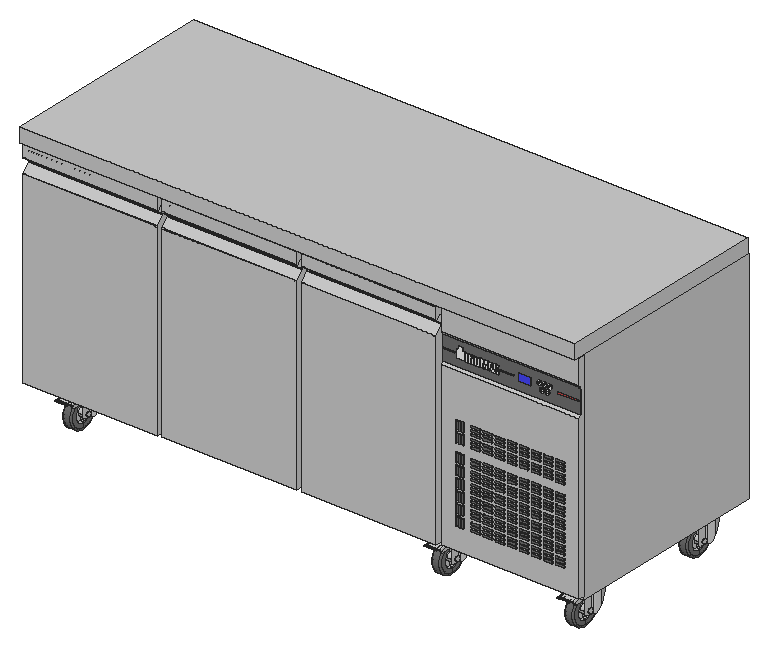
Revit family "QF_INOMAK_PNRP999_250523032323", category Specialty Equipment, Revit 2021 (continued)
Definition of nested family "QF_INOMAK_REF_COUNTERS_1790_2920"
  Definition of nested family "QF_INOMAK_CONRTOL-PANEL"
    Forms (mm)
      Extrusion 1, solid
        sketch origin (-2240, -700, 0) x (-1, 0, 0) y (0, 0, 1)
          loop
            arc (-2050.4, 204.855) -> (-2047.4, 207.855) -> (-2050.4, 210.855) r 3
            line (-2050.4, 210.855) -> (-2074.4, 210.855)
          loop
            arc (-2035.4, 210.855) -> (-2038.4, 207.855) -> (-2035.4, 204.855) r 3
            line (-2035.4, 204.855) -> (-2011.4, 204.855)
            arc (-2011.4, 204.855) -> (-2008.4, 207.855) -> (-2011.4, 210.855) r 3
            line (-2011.4, 210.855) -> (-2035.4, 210.855)
          loop
            arc (-1996.4, 210.855) -> (-1999.4, 207.855) -> (-1996.4, 204.855) r 3
            line (-1996.4, 204.855) -> (-1972.4, 204.855)
            arc (-1972.4, 204.855) -> (-1969.4, 207.855) -> (-1972.4, 210.855) r 3
            line (-1972.4, 210.855) -> (-1996.4, 210.855)
          loop
            arc (-1957.4, 210.855) -> (-1960.4, 207.855) -> (-1957.4, 204.855) r 3
            line (-1957.4, 204.855) -> (-1933.4, 204.855)
            arc (-1933.4, 204.855) -> (-1930.4, 207.855) -> (-1933.4, 210.855) r 3
            line (-1933.4, 210.855) -> (-1957.4, 210.855)
          loop
            arc (-1918.4, 210.855) -> (-1921.4, 207.855) -> (-1918.4, 204.855) r 3
            line (-1918.4, 204.855) -> (-1894.4, 204.855)
            arc (-1894.4, 204.855) -> (-1891.4, 207.855) -> (-1894.4, 210.855) r 3
            line (-1894.4, 210.855) -> (-1918.4, 210.855)
          loop
            arc (-2191.4, 199.855) -> (-2194.4, 196.855) -> (-2191.4, 193.855) r 3
            line (-2191.4, 193.855) -> (-2167.4, 193.855)
            arc (-2167.4, 193.855) -> (-2164.4, 196.855) -> (-2167.4, 199.855) r 3
            line (-2167.4, 199.855) -> (-2191.4, 199.855)
          loop
            arc (-2152.4, 199.855) -> (-2155.4, 196.855) -> (-2152.4, 193.855) r 3
            line (-2152.4, 193.855) -> (-2128.4, 193.855)
            arc (-2128.4, 193.855) -> (-2125.4, 196.855) -> (-2128.4, 199.855) r 3
            line (-2128.4, 199.855) -> (-2152.4, 199.855)
          loop
            arc (-2113.4, 199.855) -> (-2116.4, 196.855) -> (-2113.4, 193.855) r 3
            line (-2113.4, 193.855) -> (-2089.4, 193.855)
            arc (-2089.4, 193.855) -> (-2086.4, 196.855) -> (-2089.4, 199.855) r 3
            line (-2089.4, 199.855) -> (-2113.4, 199.855)
          loop
            arc (-2074.4, 199.855) -> (-2077.4, 196.855) -> (-2074.4, 193.855) r 3
            line (-2074.4, 193.855) -> (-2050.4, 193.855)
            arc (-2050.4, 193.855) -> (-2047.4, 196.855) -> (-2050.4, 199.855) r 3
            line (-2050.4, 199.855) -> (-2074.4, 199.855)
          loop
            arc (-2035.4, 199.855) -> (-2038.4, 196.855) -> (-2035.4, 193.855) r 3
            line (-2035.4, 193.855) -> (-2011.4, 193.855)
            arc (-2011.4, 193.855) -> (-2008.4, 196.855) -> (-2011.4, 199.855) r 3
            line (-2011.4, 199.855) -> (-2035.4, 199.855)
          loop
            arc (-1996.4, 199.855) -> (-1999.4, 196.855) -> (-1996.4, 193.855) r 3
            line (-1996.4, 193.855) -> (-1972.4, 193.855)
            arc (-1972.4, 193.855) -> (-1969.4, 196.855) -> (-1972.4, 199.855) r 3
            line (-1972.4, 199.855) -> (-1996.4, 199.855)
          loop
            arc (-1957.4, 199.855) -> (-1960.4, 196.855) -> (-1957.4, 193.855) r 3
            line (-1957.4, 193.855) -> (-1933.4, 193.855)
            arc (-1933.4, 193.855) -> (-1930.4, 196.855) -> (-1933.4, 199.855) r 3
            line (-1933.4, 199.855) -> (-1957.4, 199.855)
          loop
            arc (-1918.4, 199.855) -> (-1921.4, 196.855) -> (-1918.4, 193.855) r 3
            line (-1918.4, 193.855) -> (-1894.4, 193.855)
            arc (-1894.4, 193.855) -> (-1891.4, 196.855) -> (-1894.4, 199.855) r 3
            line (-1894.4, 199.855) -> (-1918.4, 199.855)
          loop
            arc (-2191.4, 184.855) -> (-2194.4, 181.855) -> (-2191.4, 178.855) r 3
            line (-2191.4, 178.855) -> (-2167.4, 178.855)
            arc (-2167.4, 178.855) -> (-2164.4, 181.855) -> (-2167.4, 184.855) r 3
            line (-2167.4, 184.855) -> (-2191.4, 184.855)
          loop
            arc (-2152.4, 184.855) -> (-2155.4, 181.855) -> (-2152.4, 178.855) r 3
            line (-2152.4, 178.855) -> (-2128.4, 178.855)
            arc (-2128.4, 178.855) -> (-2125.4, 181.855) -> (-2128.4, 184.855) r 3
            line (-2128.4, 184.855) -> (-2152.4, 184.855)
          loop
            arc (-2113.4, 184.855) -> (-2116.4, 181.855) -> (-2113.4, 178.855) r 3
            line (-2113.4, 178.855) -> (-2089.4, 178.855)
            arc (-2089.4, 178.855) -> (-2086.4, 181.855) -> (-2089.4, 184.855) r 3
            line (-2089.4, 184.855) -> (-2113.4, 184.855)
          loop
            arc (-2074.4, 184.855) -> (-2077.4, 181.855) -> (-2074.4, 178.855) r 3
            line (-2074.4, 178.855) -> (-2050.4, 178.855)
            arc (-2050.4, 178.855) -> (-2047.4, 181.855) -> (-2050.4, 184.855) r 3
            line (-2050.4, 184.855) -> (-2074.4, 184.855)
          loop
            arc (-2035.4, 184.855) -> (-2038.4, 181.855) -> (-2035.4, 178.855) r 3
            line (-2035.4, 178.855) -> (-2011.4, 178.855)
            arc (-2011.4, 178.855) -> (-2008.4, 181.855) -> (-2011.4, 184.855) r 3
            line (-2011.4, 184.855) -> (-2035.4, 184.855)
          loop
            arc (-1996.4, 184.855) -> (-1999.4, 181.855) -> (-1996.4, 178.855) r 3
            line (-1996.4, 178.855) -> (-1972.4, 178.855)
            arc (-1972.4, 178.855) -> (-1969.4, 181.855) -> (-1972.4, 184.855) r 3
            line (-1972.4, 184.855) -> (-1996.4, 184.855)
          loop
            arc (-1957.4, 184.855) -> (-1960.4, 181.855) -> (-1957.4, 178.855) r 3
            line (-1957.4, 178.855) -> (-1933.4, 178.855)
            arc (-1933.4, 178.855) -> (-1930.4, 181.855) -> (-1933.4, 184.855) r 3
            line (-1933.4, 184.855) -> (-1957.4, 184.855)
          loop
            arc (-1918.4, 184.855) -> (-1921.4, 181.855) -> (-1918.4, 178.855) r 3
            line (-1918.4, 178.855) -> (-1894.4, 178.855)
            arc (-1894.4, 178.855) -> (-1891.4, 181.855) -> (-1894.4, 184.855) r 3
            line (-1894.4, 184.855) -> (-1918.4, 184.855)
          loop
            arc (-2191.4, 173.855) -> (-2194.4, 170.855) -> (-2191.4, 167.855) r 3
            line (-2191.4, 167.855) -> (-2167.4, 167.855)
            arc (-2167.4, 167.855) -> (-2164.4, 170.855) -> (-2167.4, 173.855) r 3
            line (-2167.4, 173.855) -> (-2191.4, 173.855)
          loop
            arc (-2152.4, 173.855) -> (-2155.4, 170.855) -> (-2152.4, 167.855) r 3
            line (-2152.4, 167.855) -> (-2128.4, 167.855)
            arc (-2128.4, 167.855) -> (-2125.4, 170.855) -> (-2128.4, 173.855) r 3
            line (-2128.4, 173.855) -> (-2152.4, 173.855)
          loop
            arc (-2113.4, 173.855) -> (-2116.4, 170.855) -> (-2113.4, 167.855) r 3
            line (-2113.4, 167.855) -> (-2089.4, 167.855)
            arc (-2089.4, 167.855) -> (-2086.4, 170.855) -> (-2089.4, 173.855) r 3
            line (-2089.4, 173.855) -> (-2113.4, 173.855)
          loop
            arc (-2074.4, 173.855) -> (-2077.4, 170.855) -> (-2074.4, 167.855) r 3
            line (-2074.4, 167.855) -> (-2050.4, 167.855)
            arc (-2050.4, 167.855) -> (-2047.4, 170.855) -> (-2050.4, 173.855) r 3
            line (-2050.4, 173.855) -> (-2074.4, 173.855)
          loop
            arc (-2035.4, 173.855) -> (-2038.4, 170.855) -> (-2035.4, 167.855) r 3
            line (-2035.4, 167.855) -> (-2011.4, 167.855)
            arc (-2011.4, 167.855) -> (-2008.4, 170.855) -> (-2011.4, 173.855) r 3
            line (-2011.4, 173.855) -> (-2035.4, 173.855)
          loop
            arc (-1996.4, 173.855) -> (-1999.4, 170.855) -> (-1996.4, 167.855) r 3
            line (-1996.4, 167.855) -> (-1972.4, 167.855)
            arc (-1972.4, 167.855) -> (-1969.4, 170.855) -> (-1972.4, 173.855) r 3
            line (-1972.4, 173.855) -> (-1996.4, 173.855)
          loop
            arc (-1957.4, 173.855) -> (-1960.4, 170.855) -> (-1957.4, 167.855) r 3
            line (-1957.4, 167.855) -> (-1933.4, 167.855)
            arc (-1933.4, 167.855) -> (-1930.4, 170.855) -> (-1933.4, 173.855) r 3
            line (-1933.4, 173.855) -> (-1957.4, 173.855)
          loop
            arc (-1918.4, 173.855) -> (-1921.4, 170.855) -> (-1918.4, 167.855) r 3
            line (-1918.4, 167.855) -> (-1894.4, 167.855)
            arc (-1894.4, 167.855) -> (-1891.4, 170.855) -> (-1894.4, 173.855) r 3
            line (-1894.4, 173.855) -> (-1918.4, 173.855)
          loop
            arc (-2191.4, 162.855) -> (-2194.4, 159.855) -> (-2191.4, 156.855) r 3
            line (-2191.4, 156.855) -> (-2167.4, 156.855)
            arc (-2167.4, 156.855) -> (-2164.4, 159.855) -> (-2167.4, 162.855) r 3
            line (-2167.4, 162.855) -> (-2191.4, 162.855)
          loop
            arc (-2152.4, 162.855) -> (-2155.4, 159.855) -> (-2152.4, 156.855) r 3
            line (-2152.4, 156.855) -> (-2128.4, 156.855)
            arc (-2128.4, 156.855) -> (-2125.4, 159.855) -> (-2128.4, 162.855) r 3
            line (-2128.4, 162.855) -> (-2152.4, 162.855)
          loop
            arc (-2113.4, 162.855) -> (-2116.4, 159.855) -> (-2113.4, 156.855) r 3
            line (-2113.4, 156.855) -> (-2089.4, 156.855)
            arc (-2089.4, 156.855) -> (-2086.4, 159.855) -> (-2089.4, 162.855) r 3
            line (-2089.4, 162.855) -> (-2113.4, 162.855)
          loop
            arc (-2074.4, 162.855) -> (-2077.4, 159.855) -> (-2074.4, 156.855) r 3
            line (-2074.4, 156.855) -> (-2050.4, 156.855)
            arc (-2050.4, 156.855) -> (-2047.4, 159.855) -> (-2050.4, 162.855) r 3
            line (-2050.4, 162.855) -> (-2074.4, 162.855)
          loop
            arc (-2035.4, 162.855) -> (-2038.4, 159.855) -> (-2035.4, 156.855) r 3
            line (-2035.4, 156.855) -> (-2011.4, 156.855)
            arc (-2011.4, 156.855) -> (-2008.4, 159.855) -> (-2011.4, 162.855) r 3
            line (-2011.4, 162.855) -> (-2035.4, 162.855)
          loop
            arc (-1996.4, 162.855) -> (-1999.4, 159.855) -> (-1996.4, 156.855) r 3
            line (-1996.4, 156.855) -> (-1972.4, 156.855)
            arc (-1972.4, 156.855) -> (-1969.4, 159.855) -> (-1972.4, 162.855) r 3
            line (-1972.4, 162.855) -> (-1996.4, 162.855)
          loop
            arc (-1957.4, 162.855) -> (-1960.4, 159.855) -> (-1957.4, 156.855) r 3
            line (-1957.4, 156.855) -> (-1933.4, 156.855)
            arc (-1933.4, 156.855) -> (-1930.4, 159.855) -> (-1933.4, 162.855) r 3
            line (-1933.4, 162.855) -> (-1957.4, 162.855)
          loop
            arc (-1918.4, 162.855) -> (-1921.4, 159.855) -> (-1918.4, 156.855) r 3
            line (-1918.4, 156.855) -> (-1894.4, 156.855)
            arc (-1894.4, 156.855) -> (-1891.4, 159.855) -> (-1894.4, 162.855) r 3
            line (-1894.4, 162.855) -> (-1918.4, 162.855)
          loop
            arc (-2191.4, 147.855) -> (-2194.4, 144.855) -> (-2191.4, 141.855) r 3
            line (-2191.4, 141.855) -> (-2167.4, 141.855)
            arc (-2167.4, 141.855) -> (-2164.4, 144.855) -> (-2167.4, 147.855) r 3
            line (-2167.4, 147.855) -> (-2191.4, 147.855)
          loop
            arc (-2152.4, 147.855) -> (-2155.4, 144.855) -> (-2152.4, 141.855) r 3
            line (-2152.4, 141.855) -> (-2128.4, 141.855)
            arc (-2128.4, 141.855) -> (-2125.4, 144.855) -> (-2128.4, 147.855) r 3
            line (-2128.4, 147.855) -> (-2152.4, 147.855)
          loop
            arc (-2113.4, 147.855) -> (-2116.4, 144.855) -> (-2113.4, 141.855) r 3
            line (-2113.4, 141.855) -> (-2089.4, 141.855)
            arc (-2089.4, 141.855) -> (-2086.4, 144.855) -> (-2089.4, 147.855) r 3
            line (-2089.4, 147.855) -> (-2113.4, 147.855)
          loop
            arc (-2074.4, 147.855) -> (-2077.4, 144.855) -> (-2074.4, 141.855) r 3
            line (-2074.4, 141.855) -> (-2050.4, 141.855)
            arc (-2050.4, 141.855) -> (-2047.4, 144.855) -> (-2050.4, 147.855) r 3
            line (-2050.4, 147.855) -> (-2074.4, 147.855)
          loop
            arc (-2035.4, 147.855) -> (-2038.4, 144.855) -> (-2035.4, 141.855) r 3
            line (-2035.4, 141.855) -> (-2011.4, 141.855)
            arc (-2011.4, 141.855) -> (-2008.4, 144.855) -> (-2011.4, 147.855) r 3
            line (-2011.4, 147.855) -> (-2035.4, 147.855)
          loop
            arc (-1996.4, 147.855) -> (-1999.4, 144.855) -> (-1996.4, 141.855) r 3
            line (-1996.4, 141.855) -> (-1972.4, 141.855)
            arc (-1972.4, 141.855) -> (-1969.4, 144.855) -> (-1972.4, 147.855) r 3
            line (-1972.4, 147.855) -> (-1996.4, 147.855)
          loop
            arc (-1957.4, 147.855) -> (-1960.4, 144.855) -> (-1957.4, 141.855) r 3
            line (-1957.4, 141.855) -> (-1933.4, 141.855)
            arc (-1933.4, 141.855) -> (-1930.4, 144.855) -> (-1933.4, 147.855) r 3
            line (-1933.4, 147.855) -> (-1957.4, 147.855)
          loop
            arc (-1918.4, 147.855) -> (-1921.4, 144.855) -> (-1918.4, 141.855) r 3
            line (-1918.4, 141.855) -> (-1894.4, 141.855)
            arc (-1894.4, 141.855) -> (-1891.4, 144.855) -> (-1894.4, 147.855) r 3
            line (-1894.4, 147.855) -> (-1918.4, 147.855)
          loop
            arc (-2191.4, 136.855) -> (-2194.4, 133.855) -> (-2191.4, 130.855) r 3
            line (-2191.4, 130.855) -> (-2167.4, 130.855)
            arc (-2167.4, 130.855) -> (-2164.4, 133.855) -> (-2167.4, 136.855) r 3
            line (-2167.4, 136.855) -> (-2191.4, 136.855)
          loop
            arc (-2152.4, 136.855) -> (-2155.4, 133.855) -> (-2152.4, 130.855) r 3
            line (-2152.4, 130.855) -> (-2128.4, 130.855)
            arc (-2128.4, 130.855) -> (-2125.4, 133.855) -> (-2128.4, 136.855) r 3
            line (-2128.4, 136.855) -> (-2152.4, 136.855)
          loop
            arc (-2113.4, 136.855) -> (-2116.4, 133.855) -> (-2113.4, 130.855) r 3
            line (-2113.4, 130.855) -> (-2089.4, 130.855)
            arc (-2089.4, 130.855) -> (-2086.4, 133.855) -> (-2089.4, 136.855) r 3
            line (-2089.4, 136.855) -> (-2113.4, 136.855)
          loop
            arc (-2074.4, 136.855) -> (-2077.4, 133.855) -> (-2074.4, 130.855) r 3
            line (-2074.4, 130.855) -> (-2050.4, 130.855)
            arc (-2050.4, 130.855) -> (-2047.4, 133.855) -> (-2050.4, 136.855) r 3
            line (-2050.4, 136.855) -> (-2074.4, 136.855)
          loop
            arc (-2035.4, 136.855) -> (-2038.4, 133.855) -> (-2035.4, 130.855) r 3
            line (-2035.4, 130.855) -> (-2011.4, 130.855)
            arc (-2011.4, 130.855) -> (-2008.4, 133.855) -> (-2011.4, 136.855) r 3
            line (-2011.4, 136.855) -> (-2035.4, 136.855)
          loop
            arc (-1996.4, 136.855) -> (-1999.4, 133.855) -> (-1996.4, 130.855) r 3
            line (-1996.4, 130.855) -> (-1972.4, 130.855)
            arc (-1972.4, 130.855) -> (-1969.4, 133.855) -> (-1972.4, 136.855) r 3
            line (-1972.4, 136.855) -> (-1996.4, 136.855)
          loop
            arc (-1957.4, 136.855) -> (-1960.4, 133.855) -> (-1957.4, 130.855) r 3
            line (-1957.4, 130.855) -> (-1933.4, 130.855)
            arc (-1933.4, 130.855) -> (-1930.4, 133.855) -> (-1933.4, 136.855) r 3
            line (-1933.4, 136.855) -> (-1957.4, 136.855)
          loop
            arc (-1918.4, 136.855) -> (-1921.4, 133.855) -> (-1918.4, 130.855) r 3
            line (-1918.4, 130.855) -> (-1894.4, 130.855)
            arc (-1894.4, 130.855) -> (-1891.4, 133.855) -> (-1894.4, 136.855) r 3
            line (-1894.4, 136.855) -> (-1918.4, 136.855)
          loop
            arc (-2191.4, 125.855) -> (-2194.4, 122.855) -> (-2191.4, 119.855) r 3
            line (-2191.4, 119.855) -> (-2167.4, 119.855)
            arc (-2167.4, 119.855) -> (-2164.4, 122.855) -> (-2167.4, 125.855) r 3
            line (-2167.4, 125.855) -> (-2191.4, 125.855)
          loop
            arc (-2152.4, 125.855) -> (-2155.4, 122.855) -> (-2152.4, 119.855) r 3
            line (-2152.4, 119.855) -> (-2128.4, 119.855)
            arc (-2128.4, 119.855) -> (-2125.4, 122.855) -> (-2128.4, 125.855) r 3
            line (-2128.4, 125.855) -> (-2152.4, 125.855)
          loop
            arc (-2113.4, 125.855) -> (-2116.4, 122.855) -> (-2113.4, 119.855) r 3
            line (-2113.4, 119.855) -> (-2089.4, 119.855)
            arc (-2089.4, 119.855) -> (-2086.4, 122.855) -> (-2089.4, 125.855) r 3
            line (-2089.4, 125.855) -> (-2113.4, 125.855)
          loop
            arc (-2074.4, 125.855) -> (-2077.4, 122.855) -> (-2074.4, 119.855) r 3
            line (-2074.4, 119.855) -> (-2050.4, 119.855)
            arc (-2050.4, 119.855) -> (-2047.4, 122.855) -> (-2050.4, 125.855) r 3
            line (-2050.4, 125.855) -> (-2074.4, 125.855)
          loop
            arc (-2035.4, 125.855) -> (-2038.4, 122.855) -> (-2035.4, 119.855) r 3
            line (-2035.4, 119.855) -> (-2011.4, 119.855)
            arc (-2011.4, 119.855) -> (-2008.4, 122.855) -> (-2011.4, 125.855) r 3
            line (-2011.4, 125.855) -> (-2035.4, 125.855)
          loop
            arc (-1996.4, 125.855) -> (-1999.4, 122.855) -> (-1996.4, 119.855) r 3
            line (-1996.4, 119.855) -> (-1972.4, 119.855)
            arc (-1972.4, 119.855) -> (-1969.4, 122.855) -> (-1972.4, 125.855) r 3
            line (-1972.4, 125.855) -> (-1996.4, 125.855)
          loop
            arc (-1957.4, 125.855) -> (-1960.4, 122.855) -> (-1957.4, 119.855) r 3
            line (-1957.4, 119.855) -> (-1933.4, 119.855)
            arc (-1933.4, 119.855) -> (-1930.4, 122.855) -> (-1933.4, 125.855) r 3
            line (-1933.4, 125.855) -> (-1957.4, 125.855)
          loop
            arc (-1918.4, 125.855) -> (-1921.4, 122.855) -> (-1918.4, 119.855) r 3
            line (-1918.4, 119.855) -> (-1894.4, 119.855)
            arc (-1894.4, 119.855) -> (-1891.4, 122.855) -> (-1894.4, 125.855) r 3
            line (-1894.4, 125.855) -> (-1918.4, 125.855)
          loop
            arc (-2191.4, 110.855) -> (-2194.4, 107.855) -> (-2191.4, 104.855) r 3
            line (-2191.4, 104.855) -> (-2167.4, 104.855)
            arc (-2167.4, 104.855) -> (-2164.4, 107.855) -> (-2167.4, 110.855) r 3
            line (-2167.4, 110.855) -> (-2191.4, 110.855)
          loop
            arc (-2152.4, 110.855) -> (-2155.4, 107.855) -> (-2152.4, 104.855) r 3
            line (-2152.4, 104.855) -> (-2128.4, 104.855)
            arc (-2128.4, 104.855) -> (-2125.4, 107.855) -> (-2128.4, 110.855) r 3
            line (-2128.4, 110.855) -> (-2152.4, 110.855)
          loop
            arc (-2113.4, 110.855) -> (-2116.4, 107.855) -> (-2113.4, 104.855) r 3
            line (-2113.4, 104.855) -> (-2089.4, 104.855)
            arc (-2089.4, 104.855) -> (-2086.4, 107.855) -> (-2089.4, 110.855) r 3
            line (-2089.4, 110.855) -> (-2113.4, 110.855)
          loop
            arc (-2074.4, 110.855) -> (-2077.4, 107.855) -> (-2074.4, 104.855) r 3
            line (-2074.4, 104.855) -> (-2050.4, 104.855)
            arc (-2050.4, 104.855) -> (-2047.4, 107.855) -> (-2050.4, 110.855) r 3
            line (-2050.4, 110.855) -> (-2074.4, 110.855)
          loop
            arc (-2035.4, 110.855) -> (-2038.4, 107.855) -> (-2035.4, 104.855) r 3
            line (-2035.4, 104.855) -> (-2011.4, 104.855)
            arc (-2011.4, 104.855) -> (-2008.4, 107.855) -> (-2011.4, 110.855) r 3
            line (-2011.4, 110.855) -> (-2035.4, 110.855)
          loop
            arc (-1996.4, 110.855) -> (-1999.4, 107.855) -> (-1996.4, 104.855) r 3
            line (-1996.4, 104.855) -> (-1972.4, 104.855)
            arc (-1972.4, 104.855) -> (-1969.4, 107.855) -> (-1972.4, 110.855) r 3
            line (-1972.4, 110.855) -> (-1996.4, 110.855)
          loop
            arc (-1957.4, 110.855) -> (-1960.4, 107.855) -> (-1957.4, 104.855) r 3
            line (-1957.4, 104.855) -> (-1933.4, 104.855)
            arc (-1933.4, 104.855) -> (-1930.4, 107.855) -> (-1933.4, 110.855) r 3
            line (-1933.4, 110.855) -> (-1957.4, 110.855)
          loop
            arc (-1918.4, 110.855) -> (-1921.4, 107.855) -> (-1918.4, 104.855) r 3
            line (-1918.4, 104.855) -> (-1894.4, 104.855)
            arc (-1894.4, 104.855) -> (-1891.4, 107.855) -> (-1894.4, 110.855) r 3
            line (-1894.4, 110.855) -> (-1918.4, 110.855)
          loop
            arc (-2191.4, 99.855) -> (-2194.4, 96.855) -> (-2191.4, 93.855) r 3
            line (-2191.4, 93.855) -> (-2167.4, 93.855)
            arc (-2167.4, 93.855) -> (-2164.4, 96.855) -> (-2167.4, 99.855) r 3
            line (-2167.4, 99.855) -> (-2191.4, 99.855)
          loop
            arc (-2152.4, 99.855) -> (-2155.4, 96.855) -> (-2152.4, 93.855) r 3
            line (-2152.4, 93.855) -> (-2128.4, 93.855)
            arc (-2128.4, 93.855) -> (-2125.4, 96.855) -> (-2128.4, 99.855) r 3
            line (-2128.4, 99.855) -> (-2152.4, 99.855)
          loop
            arc (-2113.4, 99.855) -> (-2116.4, 96.855) -> (-2113.4, 93.855) r 3
            line (-2113.4, 93.855) -> (-2089.4, 93.855)
            arc (-2089.4, 93.855) -> (-2086.4, 96.855) -> (-2089.4, 99.855) r 3
            line (-2089.4, 99.855) -> (-2113.4, 99.855)
          loop
            arc (-2074.4, 99.855) -> (-2077.4, 96.855) -> (-2074.4, 93.855) r 3
            line (-2074.4, 93.855) -> (-2050.4, 93.855)
            arc (-2050.4, 93.855) -> (-2047.4, 96.855) -> (-2050.4, 99.855) r 3
            line (-2050.4, 99.855) -> (-2074.4, 99.855)
          loop
            arc (-2035.4, 99.855) -> (-2038.4, 96.855) -> (-2035.4, 93.855) r 3
            line (-2035.4, 93.855) -> (-2011.4, 93.855)
            arc (-2011.4, 93.855) -> (-2008.4, 96.855) -> (-2011.4, 99.855) r 3
            line (-2011.4, 99.855) -> (-2035.4, 99.855)
          loop
            arc (-1996.4, 99.855) -> (-1999.4, 96.855) -> (-1996.4, 93.855) r 3
            line (-1996.4, 93.855) -> (-1972.4, 93.855)
            arc (-1972.4, 93.855) -> (-1969.4, 96.855) -> (-1972.4, 99.855) r 3
            line (-1972.4, 99.855) -> (-1996.4, 99.855)
          loop
            arc (-1957.4, 99.855) -> (-1960.4, 96.855) -> (-1957.4, 93.855) r 3
            line (-1957.4, 93.855) -> (-1933.4, 93.855)
            arc (-1933.4, 93.855) -> (-1930.4, 96.855) -> (-1933.4, 99.855) r 3
            line (-1933.4, 99.855) -> (-1957.4, 99.855)
          loop
            arc (-1918.4, 99.855) -> (-1921.4, 96.855) -> (-1918.4, 93.855) r 3
            line (-1918.4, 93.855) -> (-1894.4, 93.855)
            arc (-1894.4, 93.855) -> (-1891.4, 96.855) -> (-1894.4, 99.855) r 3
            line (-1894.4, 99.855) -> (-1918.4, 99.855)
          loop
            arc (-2191.4, 88.855) -> (-2194.4, 85.855) -> (-2191.4, 82.855) r 3
            line (-2191.4, 82.855) -> (-2167.4, 82.855)
            arc (-2167.4, 82.855) -> (-2164.4, 85.855) -> (-2167.4, 88.855) r 3
            line (-2167.4, 88.855) -> (-2191.4, 88.855)
          loop
            arc (-2152.4, 88.855) -> (-2155.4, 85.855) -> (-2152.4, 82.855) r 3
            line (-2152.4, 82.855) -> (-2128.4, 82.855)
            arc (-2128.4, 82.855) -> (-2125.4, 85.855) -> (-2128.4, 88.855) r 3
            line (-2128.4, 88.855) -> (-2152.4, 88.855)
          loop
            arc (-2113.4, 88.855) -> (-2116.4, 85.855) -> (-2113.4, 82.855) r 3
            line (-2113.4, 82.855) -> (-2089.4, 82.855)
            arc (-2089.4, 82.855) -> (-2086.4, 85.855) -> (-2089.4, 88.855) r 3
            line (-2089.4, 88.855) -> (-2113.4, 88.855)
          loop
            arc (-2074.4, 88.855) -> (-2077.4, 85.855) -> (-2074.4, 82.855) r 3
            line (-2074.4, 82.855) -> (-2050.4, 82.855)
            arc (-2050.4, 82.855) -> (-2047.4, 85.855) -> (-2050.4, 88.855) r 3
            line (-2050.4, 88.855) -> (-2074.4, 88.855)
          loop
            arc (-2035.4, 88.855) -> (-2038.4, 85.855) -> (-2035.4, 82.855) r 3
            line (-2035.4, 82.855) -> (-2011.4, 82.855)
            arc (-2011.4, 82.855) -> (-2008.4, 85.855) -> (-2011.4, 88.855) r 3
            line (-2011.4, 88.855) -> (-2035.4, 88.855)
          loop
            arc (-1996.4, 88.855) -> (-1999.4, 85.855) -> (-1996.4, 82.855) r 3
            line (-1996.4, 82.855) -> (-1972.4, 82.855)
            arc (-1972.4, 82.855) -> (-1969.4, 85.855) -> (-1972.4, 88.855) r 3
            line (-1972.4, 88.855) -> (-1996.4, 88.855)
          loop
            arc (-1957.4, 88.855) -> (-1960.4, 85.855) -> (-1957.4, 82.855) r 3
            line (-1957.4, 82.855) -> (-1933.4, 82.855)
            arc (-1933.4, 82.855) -> (-1930.4, 85.855) -> (-1933.4, 88.855) r 3
            line (-1933.4, 88.855) -> (-1957.4, 88.855)
          loop
            arc (-1918.4, 88.855) -> (-1921.4, 85.855) -> (-1918.4, 82.855) r 3
            line (-1918.4, 82.855) -> (-1894.4, 82.855)
            arc (-1894.4, 82.855) -> (-1891.4, 85.855) -> (-1894.4, 88.855) r 3
            line (-1894.4, 88.855) -> (-1918.4, 88.855)
          loop
            arc (-1840.4, 387.855) -> (-1843.4, 390.855) -> (-1846.4, 387.855) r 3
            line (-1846.4, 387.855) -> (-1846.4, 363.855)
            arc (-1846.4, 363.855) -> (-1843.4, 360.855) -> (-1840.4, 363.855) r 3
            line (-1840.4, 363.855) -> (-1840.4, 387.855)
          loop
            arc (-1851.4, 387.855) -> (-1854.4, 390.855) -> (-1857.4, 387.855) r 3
            line (-1857.4, 387.855) -> (-1857.4, 363.855)
            arc (-1857.4, 363.855) -> (-1854.4, 360.855) -> (-1851.4, 363.855) r 3
            line (-1851.4, 363.855) -> (-1851.4, 387.855)
          loop
            arc (-1862.4, 387.855) -> (-1865.4, 390.855) -> (-1868.4, 387.855) r 3
            line (-1868.4, 387.855) -> (-1868.4, 363.855)
            arc (-1868.4, 363.855) -> (-1865.4, 360.855) -> (-1862.4, 363.855) r 3
            line (-1862.4, 363.855) -> (-1862.4, 387.855)
          loop
            arc (-1840.4, 350.855) -> (-1843.4, 353.855) -> (-1846.4, 350.855) r 3
            line (-1846.4, 350.855) -> (-1846.4, 326.855)
            arc (-1846.4, 326.855) -> (-1843.4, 323.855) -> (-1840.4, 326.855) r 3
            line (-1840.4, 326.855) -> (-1840.4, 350.855)
          loop
            arc (-1851.4, 350.855) -> (-1854.4, 353.855) -> (-1857.4, 350.855) r 3
            line (-1857.4, 350.855) -> (-1857.4, 326.855)
            arc (-1857.4, 326.855) -> (-1854.4, 323.855) -> (-1851.4, 326.855) r 3
            line (-1851.4, 326.855) -> (-1851.4, 350.855)
          loop
            arc (-1862.4, 350.855) -> (-1865.4, 353.855) -> (-1868.4, 350.855) r 3
            line (-1868.4, 350.855) -> (-1868.4, 326.855)
            arc (-1868.4, 326.855) -> (-1865.4, 323.855) -> (-1862.4, 326.855) r 3
            line (-1862.4, 326.855) -> (-1862.4, 350.855)
          loop
            arc (-1840.4, 293.855) -> (-1843.4, 296.855) -> (-1846.4, 293.855) r 3
            line (-1846.4, 293.855) -> (-1846.4, 269.855)
            arc (-1846.4, 269.855) -> (-1843.4, 266.855) -> (-1840.4, 269.855) r 3
            line (-1840.4, 269.855) -> (-1840.4, 293.855)
          loop
            arc (-1851.4, 293.855) -> (-1854.4, 296.855) -> (-1857.4, 293.855) r 3
            line (-1857.4, 293.855) -> (-1857.4, 269.855)
            arc (-1857.4, 269.855) -> (-1854.4, 266.855) -> (-1851.4, 269.855) r 3
            line (-1851.4, 269.855) -> (-1851.4, 293.855)
          loop
            arc (-1862.4, 293.855) -> (-1865.4, 296.855) -> (-1868.4, 293.855) r 3
            line (-1868.4, 293.855) -> (-1868.4, 269.855)
            arc (-1868.4, 269.855) -> (-1865.4, 266.855) -> (-1862.4, 269.855) r 3
            line (-1862.4, 269.855) -> (-1862.4, 293.855)
          loop
            arc (-1840.4, 256.855) -> (-1843.4, 259.855) -> (-1846.4, 256.855) r 3
            line (-1846.4, 256.855) -> (-1846.4, 232.855)
            arc (-1846.4, 232.855) -> (-1843.4, 229.855) -> (-1840.4, 232.855) r 3
            line (-1840.4, 232.855) -> (-1840.4, 256.855)
          loop
            arc (-1851.4, 256.855) -> (-1854.4, 259.855) -> (-1857.4, 256.855) r 3
            line (-1857.4, 256.855) -> (-1857.4, 232.855)
            arc (-1857.4, 232.855) -> (-1854.4, 229.855) -> (-1851.4, 232.855) r 3
            line (-1851.4, 232.855) -> (-1851.4, 256.855)
          loop
            arc (-1862.4, 256.855) -> (-1865.4, 259.855) -> (-1868.4, 256.855) r 3
            line (-1868.4, 256.855) -> (-1868.4, 232.855)
            arc (-1868.4, 232.855) -> (-1865.4, 229.855) -> (-1862.4, 232.855) r 3
            line (-1862.4, 232.855) -> (-1862.4, 256.855)
          loop
            arc (-1840.4, 219.855) -> (-1843.4, 222.855) -> (-1846.4, 219.855) r 3
            line (-1846.4, 219.855) -> (-1846.4, 195.855)
            arc (-1846.4, 195.855) -> (-1843.4, 192.855) -> (-1840.4, 195.855) r 3
            line (-1840.4, 195.855) -> (-1840.4, 219.855)
          loop
            arc (-1851.4, 219.855) -> (-1854.4, 222.855) -> (-1857.4, 219.855) r 3
            line (-1857.4, 219.855) -> (-1857.4, 195.855)
            arc (-1857.4, 195.855) -> (-1854.4, 192.855) -> (-1851.4, 195.855) r 3
            line (-1851.4, 195.855) -> (-1851.4, 219.855)
          loop
            arc (-1862.4, 219.855) -> (-1865.4, 222.855) -> (-1868.4, 219.855) r 3
            line (-1868.4, 219.855) -> (-1868.4, 195.855)
            arc (-1868.4, 195.855) -> (-1865.4, 192.855) -> (-1862.4, 195.855) r 3
            line (-1862.4, 195.855) -> (-1862.4, 219.855)
          loop
            arc (-1840.4, 182.855) -> (-1843.4, 185.855) -> (-1846.4, 182.855) r 3
            line (-1846.4, 182.855) -> (-1846.4, 158.855)
            arc (-1846.4, 158.855) -> (-1843.4, 155.855) -> (-1840.4, 158.855) r 3
            line (-1840.4, 158.855) -> (-1840.4, 182.855)
          loop
            arc (-1851.4, 182.855) -> (-1854.4, 185.855) -> (-1857.4, 182.855) r 3
            line (-1857.4, 182.855) -> (-1857.4, 158.855)
            arc (-1857.4, 158.855) -> (-1854.4, 155.855) -> (-1851.4, 158.855) r 3
            line (-1851.4, 158.855) -> (-1851.4, 182.855)
          loop
            arc (-1862.4, 182.855) -> (-1865.4, 185.855) -> (-1868.4, 182.855) r 3
            line (-1868.4, 182.855) -> (-1868.4, 158.855)
            arc (-1868.4, 158.855) -> (-1865.4, 155.855) -> (-1862.4, 158.855) r 3
            line (-1862.4, 158.855) -> (-1862.4, 182.855)
          loop
            arc (-1840.4, 145.855) -> (-1843.4, 148.855) -> (-1846.4, 145.855) r 3
            line (-1846.4, 145.855) -> (-1846.4, 121.855)
            arc (-1846.4, 121.855) -> (-1843.4, 118.855) -> (-1840.4, 121.855) r 3
            line (-1840.4, 121.855) -> (-1840.4, 145.855)
          loop
            arc (-1851.4, 145.855) -> (-1854.4, 148.855) -> (-1857.4, 145.855) r 3
            line (-1857.4, 145.855) -> (-1857.4, 121.855)
            arc (-1857.4, 121.855) -> (-1854.4, 118.855) -> (-1851.4, 121.855) r 3
            line (-1851.4, 121.855) -> (-1851.4, 145.855)
          loop
            arc (-1862.4, 145.855) -> (-1865.4, 148.855) -> (-1868.4, 145.855) r 3
            line (-1868.4, 145.855) -> (-1868.4, 121.855)
            arc (-1868.4, 121.855) -> (-1865.4, 118.855) -> (-1862.4, 121.855) r 3
            line (-1862.4, 121.855) -> (-1862.4, 145.855)
          loop
            arc (-1840.4, 108.855) -> (-1843.4, 111.855) -> (-1846.4, 108.855) r 3
            line (-1846.4, 108.855) -> (-1846.4, 84.855)
            arc (-1846.4, 84.855) -> (-1843.4, 81.855) -> (-1840.4, 84.855) r 3
            line (-1840.4, 84.855) -> (-1840.4, 108.855)
          loop
            arc (-1851.4, 108.855) -> (-1854.4, 111.855) -> (-1857.4, 108.855) r 3
            line (-1857.4, 108.855) -> (-1857.4, 84.855)
            arc (-1857.4, 84.855) -> (-1854.4, 81.855) -> (-1851.4, 84.855) r 3
            line (-1851.4, 84.855) -> (-1851.4, 108.855)
          loop
            arc (-1862.4, 108.855) -> (-1865.4, 111.855) -> (-1868.4, 108.855) r 3
            line (-1868.4, 108.855) -> (-1868.4, 84.855)
            arc (-1868.4, 84.855) -> (-1865.4, 81.855) -> (-1862.4, 84.855) r 3
            line (-1862.4, 84.855) -> (-1862.4, 108.855)
        from 16.5 to 19
    Dimensions and locks
      "Length": plane 3 "Left" to plane 4 "Right"
      "Depth": plane 5 "Front" to plane 1 "Back"
      "Front offset": plane 7 "Front offset" to plane 5 "Front"
      "Height": plane 6 "Top" to plane 2
      aligned and locked: level to plane 2
    Automatic sketch dimensions
      plane 4 "Right" to Extrusion 1 sketch curve = 48.6 mm  (x3)
      Extrusion 1 sketch curve to Extrusion 1 sketch curve = 0 mm  (x322)
      Extrusion 1 sketch curve to Extrusion 1 sketch curve = 24 mm  (x53)
      Extrusion 1 sketch curve to Extrusion 1 sketch curve = 15 mm  (x52)
      Extrusion 1 sketch curve to Extrusion 1 sketch curve = 26 mm  (x7)
      Extrusion 1 sketch curve to Extrusion 1 sketch curve = 3 mm  (x216)
      Extrusion 1 sketch curve to Extrusion 1 sketch curve = 5 mm  (x144)
      level to Extrusion 1 sketch curve = 82.855 mm  (x2)
      Extrusion 1 sketch curve to Extrusion 1 sketch curve = 2 mm
      Extrusion 1 sketch curve to Extrusion 1 sketch curve = 9 mm  (x48)
      Extrusion 1 sketch curve to Extrusion 1 sketch curve = 13 mm  (x9)
      Extrusion 1 sketch curve to Extrusion 1 sketch curve = 29 mm  (x6)
      Extrusion 1 sketch curve to Extrusion 1 sketch curve = 33 mm
Definition of nested family "QF_INOMAK_REF_COUNTERS_DOORS_DRAWERS_6956"
  Parameters (values of type "DR-LX-710")
    Weight [instance] = 0.00 kg
    Warranty Start Date [instance] = ""
    Warranty Duration [instance] = ""
    URL Cutsheet [instance] = ""
    URL = "www.inomak.com"
    Top inset [instance] = 10 mm
    Technical Documentation [instance] = ""
    Tag Number [instance] = ""
    Status [instance] = ""
    Specification by User [instance] = ""
    Specification by Manufacturer [instance] = ""
    Sound Level [instance] = ""
    Solid Fuel Type [instance] = ""
    Show Logo [instance] = yes
    Show Clearances [instance] = yes
    Service Life Duration [instance] = ""
    Serial Number [instance] = ""
    Seismic Rating [instance] = ""
    SMACNA No [instance] = ""
    Right panel thickness [instance] = 0 mm
    Revision Code [instance] = ""
    Revision [instance] = ""
    Rear inset [instance] = 0 mm
    Production Year [instance] = ""
    Point Load [instance] = 0
    Plinth height [instance] = 0 mm
    Other Equipment Approvals [instance] = ""
    NAFEM Spec ID Number [instance] = ""
    Model Warning [instance] = ""
    Model = "DR-LX-710"
    Masterspec [instance] = ""
    Manufacturer = "INOMAK"
    Length Actual [instance] = 435 mm
    Left panel thickness [instance] = 0 mm
    Item Number [instance] = ""
    Installed By [instance] = ""
    Installation Date [instance] = ""
    Identify Quantity as Lot [instance] = yes
    ID [instance] = ""
    Hygiene Approval [instance] = ""
    Height Actual [instance] = 710 mm
    Furnished By [instance] = ""
    Front inset [instance] = 10 mm
    Foodservice Equipment Identifier [instance] = yes
    Finish [instance] = none
    ETL Approved [instance] = yes
    Doors drawers type [instance] = 8
    Description = "LEFT HINGED DOOR"
    Depth Actual [instance] = 700 mm
    Default Elevation = 0 mm
    CSI MasterFormat [instance] = ""
    CE Approved [instance] = yes
    Bottom inset [instance] = 10 mm
    Barcode [instance] = ""
    Author [instance] = ""
    Asset Identifier [instance] = ""
    Assembly Code = "E1090320"
    Accessory [instance] = yes
  Types (9, lengths in mm): name | Model | Height Actual | Doors drawers type | Description
    DW-2-710 | "DW-2-710" | 710 | 4 | "2 X GN 1/2 DRAWERS"
    DR-LX-710 | "DR-LX-710" | 710 | 8 | "LEFT HINGED DOOR"
    DR-RX-710 | "DR-RX-710" | 710 | 9 | "RIGHT HINGED DOOR"
    DW-3-710 | "DW-3-710" | 710 | 6 | "3 X GN 1/3 DRAWERS"
    DW-B-710 | "DW-B-710" | 710 | 5 | "1 X GN 1/3 & 1 X GN 2/3 DRAWERS"
    DW-2-483 | "DW-2-483" | 483 | 4 | "2 X GN 1/3 DRAWERS"
    DR-LX-483 | "DR-LX-483" | 483 | 8 | "LEFT HINGED DOOR"
    DR-RX-483 | "DR-RX-483" | 483 | 9 | "RIGHT HINGED DOOR"
    DW-1-483 | "DW-1-483" | 483 | 10 | "1 X GN 2/3 DRAWER"
  Reference planes
    plane 1 "Front": y = 0
    plane 2: z = 0
    plane 3 "Left": x = 0
    plane 4 "Right": x = 435
    plane 5 "Back": y = 700
    plane 6 "Top": z = 710
    plane 7 "Bottom shelf": z = 0
    plane 8: z = 700
    plane 9: z = 10
    plane 10: x = 0
    plane 11: x = 435
    plane 12 "Center Top Bottom": z = 355
  Lines and regions (mm)
    reference lines
      curve 1: line (0, 0, 355) -> (0, 25, 355)
      curve 2: line (435, 0, 355) -> (435, 25, 355)
      curve 3: line (0, 700, 355) -> (435, 700, 355)
      curve 4: line (0, 0, 355) -> (435, 0, 355)
  Dimensions and locks
    "Length Actual": plane 3 "Left" to plane 4 "Right"
    "Depth Actual": plane 1 "Front" to plane 5 "Back"
    "Height Actual": plane 6 "Top" to plane 7 "Bottom shelf"
    "Plinth height": plane 7 "Bottom shelf" to plane 2
    "Top inset": plane 6 "Top" to plane 8
    "Bottom inset": plane 9 to plane 7 "Bottom shelf"
    "Left panel thickness": plane 3 "Left" to plane 10
    "Right panel thickness": plane 11 to plane 4 "Right"
    equal spacing: plane 6 "Top", plane 12 "Center Top Bottom", plane 7 "Bottom shelf"
    "Length Actual": curve 1 to plane 4 "Right"
    "Length Actual": plane 3 "Left" to curve 2
    "Depth Actual": plane 1 "Front" to curve 3
    "Depth Actual": plane 5 "Back" to curve 4
    aligned and locked: level to plane 2
    aligned and locked: plane 3 "Left" to nested 1
    aligned and locked: plane 3 "Left" to nested 2
    aligned and locked: plane 3 "Left" to nested 3
    aligned and locked: plane 3 "Left" to nested 4
    aligned and locked: plane 3 "Left" to nested 5
    aligned and locked: plane 3 "Left" to nested 6
    aligned and locked: plane 3 "Left" to nested 7
    aligned and locked: plane 3 "Left" to nested 8
    aligned and locked: plane 3 "Left" to nested 9
    aligned and locked: nested 4 to plane 1 "Front"
    aligned and locked: nested 6 to plane 1 "Front"
    aligned and locked: nested 8 to plane 1 "Front"
    aligned and locked: nested 5 to plane 1 "Front"
    aligned and locked: nested 3 to plane 1 "Front"
    aligned and locked: nested 7 to plane 1 "Front"
    aligned and locked: nested 2 to plane 1 "Front"
    aligned and locked: nested 1 to plane 1 "Front"
    aligned and locked: nested 9 to plane 1 "Front"
  Automatic sketch dimensions
    curve 3 to plane 4 "Right" = 0 mm
    curve 3 to plane 3 "Left" = 0 mm
    curve 2 to curve 2 = 25 mm
    curve 1 to curve 1 = 25 mm
  Nested families
    nested 1: "Right_Door" at (0, 700, 0), Depth Actual <- "Depth Actual", Height Actual <- "Height Actual", Length Actual <- "Length Actual", Front inset <- "Front inset", Rear inset <- "Rear inset", Left panel thickness <- "Left panel thickness", Right panel thickness <- "Right panel thickness", Doors drawers type <- "Doors drawers type", Plinth height <- "Plinth height", Top inset <- "Top inset", Bottom inset <- "Bottom inset", type "Right door"
      with Top inset 10 mm, Right panel thickness 0 mm, Right hand hinged door no, Rear inset 0 mm, Plinth height 0 mm, Length Actual 435 mm, Left panel thickness 0 mm, Height Actual 710 mm, Front inset 10 mm, Doors drawers type 8, Depth Actual 700 mm, Bottom inset 10 mm
    nested 2: "Left_Door" at (0, 700, 0), Depth Actual <- "Depth Actual", Height Actual <- "Height Actual", Length Actual <- "Length Actual", Front inset <- "Front inset", Rear inset <- "Rear inset", Left panel thickness <- "Left panel thickness", Right panel thickness <- "Right panel thickness", Doors drawers type <- "Doors drawers type", Plinth height <- "Plinth height", Top inset <- "Top inset", Bottom inset <- "Bottom inset", type "Left door"
      with Top inset 10 mm, Right panel thickness 0 mm, Rear inset 0 mm, Plinth height 0 mm, Length Actual 435 mm, Left panel thickness 0 mm, Left hand hinged door yes, Height Actual 710 mm, Front inset 10 mm, Doors drawers type 8, Depth Actual 700 mm, Bottom inset 10 mm
    nested 3: "3_Drawers_1-3" at (0, 700, 0), Depth Actual <- "Depth Actual", Height Actual <- "Height Actual", Length Actual <- "Length Actual", Front inset <- "Front inset", Rear inset <- "Rear inset", Left panel thickness <- "Left panel thickness", Right panel thickness <- "Right panel thickness", Doors drawers type <- "Doors drawers type", Plinth height <- "Plinth height", Top inset <- "Top inset", Bottom inset <- "Bottom inset", type "3 Drawers 1-3"
      with Top inset 10 mm, Right panel thickness 0 mm, Rear inset 0 mm, Plinth height 0 mm, Length Actual 435 mm, Left panel thickness 0 mm, Height Actual 710 mm, Front inset 10 mm, Doors drawers type 8, Depth Actual 700 mm, Bottom inset 10 mm, 3 Drawers no
    nested 4: "2_Drawers_1-2" at (0, 700, 0), Depth Actual <- "Depth Actual", Height Actual <- "Height Actual", Length Actual <- "Length Actual", Front inset <- "Front inset", Rear inset <- "Rear inset", Left panel thickness <- "Left panel thickness", Right panel thickness <- "Right panel thickness", Doors drawers type <- "Doors drawers type", Plinth height <- "Plinth height", Top inset <- "Top inset", Bottom inset <- "Bottom inset", type "2 Drawers 1-2"
      with Top inset 10 mm, Right panel thickness 0 mm, Rear inset 0 mm, Plinth height 0 mm, Length Actual 435 mm, Left panel thickness 0 mm, Height Actual 710 mm, Front inset 10 mm, Doors drawers type 8, Depth Actual 700 mm, Bottom inset 10 mm, 2 Drawers no
    nested 5: "2_Drawers_1-3_2-3" at (0, 700, 0), Depth Actual <- "Depth Actual", Height Actual <- "Height Actual", Length Actual <- "Length Actual", Front inset <- "Front inset", Rear inset <- "Rear inset", Left panel thickness <- "Left panel thickness", Right panel thickness <- "Right panel thickness", Doors drawers type <- "Doors drawers type", Plinth height <- "Plinth height", Top inset <- "Top inset", Bottom inset <- "Bottom inset", type "2 Drawers 1-3 and 2-3"
      with Top inset 10 mm, Right panel thickness 0 mm, Rear inset 0 mm, Plinth height 0 mm, Length Actual 435 mm, Left panel thickness 0 mm, Height Actual 710 mm, Front inset 10 mm, Doors drawers type 8, Depth Actual 700 mm, Bottom inset 10 mm, 2 Drawers 1-3 and 2-3 no
    nested 6: "Sliding_Doors" at (0, 700, 0), Depth Actual <- "Depth Actual", Height Actual <- "Height Actual", Length Actual <- "Length Actual", Front inset <- "Front inset", Rear inset <- "Rear inset", Left panel thickness <- "Left panel thickness", Right panel thickness <- "Right panel thickness", Doors drawers type <- "Doors drawers type", Plinth height <- "Plinth height", Top inset <- "Top inset", Bottom inset <- "Bottom inset", Finish <- "Finish", type "Sliding doors"
      with Top inset 10 mm, Sliding doors no, Right panel thickness 0 mm, Rear inset 0 mm, Plinth height 0 mm, Length Actual 435 mm, Left panel thickness 0 mm, Height Actual 710 mm, Front inset 10 mm, Finish none, Doors drawers type 8, Depth Actual 700 mm, Bottom inset 10 mm
    nested 7: "4_Drawers_1-4" at (0, 700, 0), Depth Actual <- "Depth Actual", Height Actual <- "Height Actual", Length Actual <- "Length Actual", Front inset <- "Front inset", Rear inset <- "Rear inset", Left panel thickness <- "Left panel thickness", Right panel thickness <- "Right panel thickness", Doors drawers type <- "Doors drawers type", Plinth height <- "Plinth height", Top inset <- "Top inset", Bottom inset <- "Bottom inset", Finish <- "Finish", type "4 Drawers 1-4"
      with Top inset 10 mm, Right panel thickness 0 mm, Rear inset 0 mm, Plinth height 0 mm, Length Actual 435 mm, Left panel thickness 0 mm, Height Actual 710 mm, Front inset 10 mm, Finish none, Doors drawers type 8, Depth Actual 700 mm, Bottom inset 10 mm, 4 Drawers no
    nested 8: "Hinged_Doors" at (0, 700, 0), Length Actual <- "Length Actual", Depth Actual <- "Depth Actual", Height Actual <- "Height Actual", Front inset <- "Front inset", Rear inset <- "Rear inset", Left panel thickness <- "Left panel thickness", Right panel thickness <- "Right panel thickness", Doors drawers type <- "Doors drawers type", Plinth height <- "Plinth height", Top inset <- "Top inset", Bottom inset <- "Bottom inset", Finish <- "Finish", type "Hinged doors"
      with Top inset 10 mm, Right panel thickness 0 mm, Rear inset 0 mm, Plinth height 0 mm, Length Actual 435 mm, Left panel thickness 0 mm, Hinged doors no, Height Actual 710 mm, Front inset 10 mm, Finish none, Doors drawers type 8, Depth Actual 700 mm, Bottom inset 10 mm
    nested 9: "Hopper" at (0, 700, 1.284), Length Actual <- "Length Actual", Depth Actual <- "Depth Actual", Height Actual <- "Height Actual", Front inset <- "Front inset", Rear inset <- "Rear inset", Left panel thickness <- "Left panel thickness", Right panel thickness <- "Right panel thickness", Doors drawers type <- "Doors drawers type", Plinth height <- "Plinth height", Top inset <- "Top inset", Bottom inset <- "Bottom inset", Finish <- "Finish", type "Hopper"
      with Top inset 10 mm, Right panel thickness 0 mm, Rear inset 0 mm, Plinth height 0 mm, Length Actual 435 mm, Left panel thickness 0 mm, Hopper no, Height Actual 710 mm, Front inset 10 mm, Finish none, Doors drawers type 8, Depth Actual 700 mm, Bottom inset 10 mm
  Definition of nested family "Left_Door"
    Parameters (values of type "Left door")
      URL = "www.specifiglobal.com"
      Top inset [instance] = 10 mm
      Right panel thickness [instance] = 0 mm
      Rear inset [instance] = 0 mm
      Plinth height [instance] = 150 mm
      Model = ""
      Manufacturer = "DEMO CONSULTANT"
      Length Actual [instance] = 700 mm
      Left panel thickness [instance] = 0 mm
      Left hand hinged door [instance] = Doors drawers type = 8  # yes
      Height Actual [instance] = 710 mm
      Front inset [instance] = 10 mm
      Finish = none
      Doors drawers type [instance] = 8
      Description = ""
      Depth Actual [instance] = 700 mm
      Default Elevation = 0 mm
      Bottom inset [instance] = 0 mm
      Assembly Code = "E1090320"
    Reference planes
      plane 1 "Back": y = 0
      plane 2: z = 0
      plane 3 "Left": x = 0
      plane 4 "Right": x = 700
      plane 5 "Front": y = -700
      plane 6 "Top": z = 860
      plane 7 "Front legs": y = -690
      plane 8 "Legs top": z = 150
      plane 9 "Backsplash thickness": y = 0
      plane 10 "Left panel": x = 0
      plane 11 "Right panel": x = 700
      plane 12: z = 850
      plane 13: z = 150
    Forms (mm)
      Extrusion 1, solid, material <- "Finish", visible <- "Left hand hinged door"
        sketch origin (0, 0, 0) x (0, -1, 0) y (0, 0, 1)
          loop
            line (690, 150) -> (690, 764.365)
            arc (690, 764.365) -> (689.866, 765.037) -> (689.485, 765.607) r 1.757
            line (689.485, 765.607) -> (666.663, 788.429)
            arc (666.663, 788.429) -> (665.976, 789.458) -> (665.734, 790.672) r 3.172
            line (665.734, 790.672) -> (665.734, 817.576)
            arc (665.734, 817.576) -> (666.433, 819.262) -> (668.119, 819.961) r 2.385
            line (668.119, 819.961) -> (680.029, 819.961) -> (686.544, 810.657)
            arc (686.544, 810.657) -> (688.671, 809.935) -> (690, 811.747) r 1.9
            line (690, 811.747) -> (690, 850) -> (648, 850) -> (648, 150) -> (690, 150)
        from 0 to -700
      Extrusion 2, solid, visible <- "Left hand hinged door", detail levels coarse
        sketch origin (0, -700, 150) x (-1, 0, 0) y (0, 1, 0)
          loop
            arc (-700, 10) -> (-495.871, -481.066) -> (0, -673.23) r 677.11
            line (0, -673.23) -> (0, 10) -> (-700, 10)
        from 0 to -700
    Lines and regions (mm)
      symbolic lines, visible <- "Left hand hinged door"
        curve 1: line (0, -700, 150) -> (0, -1373.247, 150)
        curve 2: arc (0, -1373.247, 150) -> (492.316, -1184.595, 150) -> (700, -700, 150) r 676.963
    Dimensions and locks
      "Length Actual": plane 3 "Left" to plane 4 "Right"
      "Depth Actual": plane 5 "Front" to plane 1 "Back"
      "Height Actual": plane 6 "Top" to plane 8 "Legs top"
      "Front inset": plane 7 "Front legs" to plane 5 "Front"
      "Plinth height": plane 8 "Legs top" to plane 2
      "Rear inset": plane 9 "Backsplash thickness" to plane 1 "Back"
      "Right panel thickness": plane 11 "Right panel" to plane 4 "Right"
      "Left panel thickness": plane 3 "Left" to plane 10 "Left panel"
      "Top inset": plane 6 "Top" to plane 12
      "Bottom inset": plane 13 to plane 8 "Legs top"
      aligned and locked: level to plane 2
      aligned and locked: Extrusion 1 to plane 11 "Right panel"
      aligned and locked: plane 10 "Left panel" to Extrusion 2 sketch curve
      aligned and locked: plane 11 "Right panel" to Extrusion 2 sketch curve
      aligned and locked: Extrusion 2 sketch curve to plane 10 "Left panel"
      aligned and locked: plane 7 "Front legs" to Extrusion 2 sketch curve
      aligned and locked: plane 7 "Front legs" to Extrusion 2
      aligned and locked: plane 10 "Left panel" to Extrusion 2
      aligned and locked: Extrusion 2 to plane 12
      aligned and locked: Extrusion 1 sketch curve to plane 13
      aligned and locked: Extrusion 1 sketch curve to plane 7 "Front legs"
      aligned and locked: Extrusion 1 sketch curve to plane 12
    Automatic sketch dimensions
      Extrusion 1 sketch curve to Extrusion 1 sketch curve = 1.556 mm
      Extrusion 1 sketch curve to Extrusion 1 sketch curve = 11.91 mm
      Extrusion 1 sketch curve to Extrusion 1 sketch curve = 2.243 mm
      Extrusion 1 sketch curve to Extrusion 1 sketch curve = 2.385 mm
      Extrusion 1 sketch curve to Extrusion 1 sketch curve = 20.119 mm
      Extrusion 1 sketch curve to Extrusion 1 sketch curve = 22.822 mm
      Extrusion 1 sketch curve to Extrusion 1 sketch curve = 19.985 mm
      Extrusion 1 sketch curve to Extrusion 1 sketch curve = 6.919 mm
      Extrusion 1 sketch curve to Extrusion 1 sketch curve = 30.039 mm
      plane 7 "Front legs" to Extrusion 1 sketch curve = 42 mm
      Extrusion 1 sketch curve to Extrusion 1 sketch curve = 0.929 mm
      Extrusion 1 sketch curve to Extrusion 1 sketch curve = 6.515 mm
      Extrusion 1 sketch curve to Extrusion 1 sketch curve = 1.242 mm
      Extrusion 1 sketch curve to Extrusion 1 sketch curve = 1.9 mm
      Extrusion 1 sketch curve to Extrusion 1 sketch curve = 0.515 mm
      plane 5 "Front" to Extrusion 2 sketch curve = 3.492 mm
      plane 3 "Left" to Extrusion 2 sketch curve = 22.921 mm
      curve 1 to plane 3 "Left" = 0 mm
      curve 2 to plane 4 "Right" = 0 mm
      curve 2 to plane 5 "Front" = 0 mm
      curve 1 to plane 5 "Front" = 0 mm
      plane 5 "Front" to curve 2 = 3.324 mm
      plane 3 "Left" to curve 2 = 23.045 mm
  Definition of nested family "Right_Door"
    Parameters (values of type "Right door")
      URL = "www.specifiglobal.com"
      Top inset [instance] = 4 mm
      Right panel thickness [instance] = 35 mm
      Right hand hinged door [instance] = Doors drawers type = 9  # yes
      Rear inset [instance] = 10 mm
      Plinth height [instance] = 150 mm
      Model = ""
      Manufacturer = "DEMO CONSULTANT"
      Length Actual [instance] = 1700 mm
      Left panel thickness [instance] = 35 mm
      Height Actual [instance] = 900 mm
      Front inset [instance] = 10 mm
      Finish = none
      Doors drawers type [instance] = 9
      Description = ""
      Depth Actual [instance] = 700 mm
      Default Elevation = 0 mm
      Bottom inset [instance] = 4 mm
      Assembly Code = "E1090320"
    Reference planes
      plane 1 "Back": y = 0
      plane 2: z = 0
      plane 3 "Left": x = 0
      plane 4 "Right": x = 1700
      plane 5 "Front": y = -700
      plane 6 "Top": z = 1050
      plane 7 "Front legs": y = -690
      plane 8 "Legs top": z = 150
      plane 9 "Backsplash thickness": y = -10
      plane 10 "Left panel": x = 35
      plane 11 "Right panel": x = 1665
      plane 12: z = 1046
      plane 13: z = 154
    Forms (mm)
      Extrusion 1, solid, material <- "Finish", visible <- "Right hand hinged door"
        sketch origin (35, 0, 0) x (0, -1, 0) y (0, 0, 1)
          loop
            line (690, 154) -> (690, 960.365)
            arc (690, 960.365) -> (689.866, 961.037) -> (689.485, 961.607) r 1.757
            line (689.485, 961.607) -> (666.663, 984.429)
            arc (666.663, 984.429) -> (665.976, 985.458) -> (665.734, 986.672) r 3.172
            line (665.734, 986.672) -> (665.734, 1013.576)
            arc (665.734, 1013.576) -> (666.433, 1015.262) -> (668.119, 1015.961) r 2.385
            line (668.119, 1015.961) -> (680.029, 1015.961) -> (686.544, 1006.657)
            arc (686.544, 1006.657) -> (688.671, 1005.935) -> (690, 1007.747) r 1.9
            line (690, 1007.747) -> (690, 1046) -> (648, 1046) -> (648, 154) -> (690, 154)
        from 0 to -1630
      Extrusion 2, solid, visible <- "Right hand hinged door", detail levels coarse
        sketch origin (0, -700, 154) x (-1, 0, 0) y (0, 1, 0)
          loop
            line (-1665, 10) -> (-1665, -1637.12)
            arc (-1665, -1637.12) -> (-517.894, -1142.214) -> (-35, 10) r 1670.236
            line (-35, 10) -> (-1665, 10)
        from 0 to -892
    Lines and regions (mm)
      symbolic lines, visible <- "Right hand hinged door"
        curve 1: line (1665, -2337.12, 150) -> (1665, -700, 150)
        curve 2: arc (1665, -2337.12, 150) -> (521.415, -1845.762, 150) -> (35.165, -699.995, 150) r 1670.236
    Dimensions and locks
      "Length Actual": plane 3 "Left" to plane 4 "Right"
      "Depth Actual": plane 5 "Front" to plane 1 "Back"
      "Height Actual": plane 6 "Top" to plane 8 "Legs top"
      "Front inset": plane 7 "Front legs" to plane 5 "Front"
      "Plinth height": plane 8 "Legs top" to plane 2
      "Rear inset": plane 9 "Backsplash thickness" to plane 1 "Back"
      "Right panel thickness": plane 11 "Right panel" to plane 4 "Right"
      "Left panel thickness": plane 3 "Left" to plane 10 "Left panel"
      "Top inset": plane 6 "Top" to plane 12
      "Bottom inset": plane 13 to plane 8 "Legs top"
      aligned and locked: level to plane 2
      aligned and locked: Extrusion 1 to plane 11 "Right panel"
      aligned and locked: plane 10 "Left panel" to Extrusion 2 sketch curve
      aligned and locked: plane 11 "Right panel" to Extrusion 2 sketch curve
      aligned and locked: plane 7 "Front legs" to Extrusion 2
      aligned and locked: plane 7 "Front legs" to Extrusion 2 sketch curve
      aligned and locked: Extrusion 2 sketch curve to plane 11 "Right panel"
      aligned and locked: curve 1 to Extrusion 2
      aligned and locked: plane 5 "Front" to curve 1
      aligned and locked: Extrusion 2 to plane 12
      aligned and locked: Extrusion 1 sketch curve to plane 12
      aligned and locked: Extrusion 1 sketch curve to plane 7 "Front legs"
      aligned and locked: Extrusion 1 sketch curve to plane 13
      aligned and locked: curve 2 to Extrusion 2
    Automatic sketch dimensions
      Extrusion 1 sketch curve to Extrusion 1 sketch curve = 1.556 mm
      Extrusion 1 sketch curve to Extrusion 1 sketch curve = 11.91 mm
      Extrusion 1 sketch curve to Extrusion 1 sketch curve = 2.243 mm
      Extrusion 1 sketch curve to Extrusion 1 sketch curve = 2.385 mm
      Extrusion 1 sketch curve to Extrusion 1 sketch curve = 20.119 mm
      Extrusion 1 sketch curve to Extrusion 1 sketch curve = 22.822 mm
      Extrusion 1 sketch curve to Extrusion 1 sketch curve = 19.985 mm
      Extrusion 1 sketch curve to Extrusion 1 sketch curve = 6.919 mm
      Extrusion 1 sketch curve to Extrusion 1 sketch curve = 30.039 mm
      plane 7 "Front legs" to Extrusion 1 sketch curve = 42 mm
      Extrusion 1 sketch curve to Extrusion 1 sketch curve = 0.929 mm
      Extrusion 1 sketch curve to Extrusion 1 sketch curve = 6.515 mm
      Extrusion 1 sketch curve to Extrusion 1 sketch curve = 1.242 mm
      Extrusion 1 sketch curve to Extrusion 1 sketch curve = 1.9 mm
      Extrusion 1 sketch curve to Extrusion 1 sketch curve = 0.515 mm
      Extrusion 2 sketch curve to plane 4 "Right" = 5.083 mm
      plane 7 "Front legs" to Extrusion 2 sketch curve = 22.635 mm
      plane 5 "Front" to curve 2 = 0.005 mm
  Definition of nested family "3_Drawers_1-3"
    Parameters (values of type "3 Drawers 1-3")
      URL = "www.specifiglobal.com"
      Top inset [instance] = 4 mm
      Right panel thickness [instance] = 35 mm
      Rear inset [instance] = 10 mm
      Plinth height [instance] = 150 mm
      Model = ""
      Manufacturer = "DEMO CONSULTANT"
      Length Actual [instance] = 1200 mm
      Left panel thickness [instance] = 35 mm
      Height Actual [instance] = 900 mm
      Front inset [instance] = 10 mm
      Finish = none
      Doors drawers type [instance] = 6
      Description = ""
      Depth Actual [instance] = 700 mm
      Default Elevation = 0 mm
      Bottom inset [instance] = 4 mm
      Assembly Code = "E1090320"
      3 Drawers [instance] = Doors drawers type = 6  # yes
    Reference planes
      plane 1 "Back": y = 0
      plane 2: z = 0
      plane 3 "Left": x = 0
      plane 4 "Right": x = 1200
      plane 5 "Front": y = -700
      plane 6 "Top": z = 1050
      plane 7 "Front legs": y = -690
      plane 8 "Legs top": z = 150
      plane 9 "Backsplash thickness": y = -10
      plane 10 "Left panel": x = 35
      plane 11 "Right panel": x = 1165
      plane 12: z = 749.333
      plane 13: z = 1046
      plane 14: z = 751.667
      plane 15: z = 747
      plane 16: z = 1048
      plane 17: z = 450.667
      plane 18: z = 453.333
      plane 19: z = 448
      plane 20: z = 154
      plane 21: z = 152
    Forms (mm)
      Extrusion 1, solid, material <- "Finish", visible <- "3 Drawers"
        sketch origin (35, 0, 0) x (0, -1, 0) y (0, 0, 1)
          loop
            line (690, 751.667) -> (690, 960.365)
            arc (690, 960.365) -> (689.866, 961.037) -> (689.485, 961.607) r 1.757
            line (689.485, 961.607) -> (666.663, 984.429)
            arc (666.663, 984.429) -> (665.976, 985.458) -> (665.734, 986.672) r 3.172
            line (665.734, 986.672) -> (665.734, 1013.576)
            arc (665.734, 1013.576) -> (666.433, 1015.262) -> (668.119, 1015.961) r 2.385
            line (668.119, 1015.961) -> (680.029, 1015.961) -> (686.544, 1006.657)
            arc (686.544, 1006.657) -> (688.671, 1005.935) -> (690, 1007.747) r 1.9
            line (690, 1007.747) -> (690, 1046) -> (648, 1046) -> (648, 751.667) -> (690, 751.667)
        from 0 to -1130
      Extrusion 2, solid, visible <- "3 Drawers", detail levels coarse
        sketch origin (0, -640.463, 751.667) x (0, 1, 0) y (-1, 0, 0)
          loop
            line (-49.537, -35) -> (-624.582, -35) -> (-624.582, -1165) -> (-49.537, -1165) -> (-49.537, -35)
        from 0 to 294.333
      Extrusion 3, solid, visible <- "3 Drawers", detail levels coarse
        sketch origin (0, -640.463, 453.333) x (0, 1, 0) y (-1, 0, 0)
          loop
            line (-49.537, -35) -> (-624.582, -35) -> (-624.582, -1165) -> (-49.537, -1165) -> (-49.537, -35)
        from 0 to 293.667
      Extrusion 4, solid, visible <- "3 Drawers", detail levels coarse
        sketch origin (0, -700, 154) x (-1, 0, 0) y (0, 1, 0)
          loop
            line (-35, 10) -> (-1165, 10) -> (-1165, -565.045) -> (-35, -565.045) -> (-35, 10)
        from 0 to -294
      Extrusion 5, solid, material <- "Finish", visible <- "3 Drawers"
        sketch origin (35, 0, -220.667) x (0, -1, 0) y (0, 0, 1)
          loop
            line (690, 674) -> (690, 882.031)
